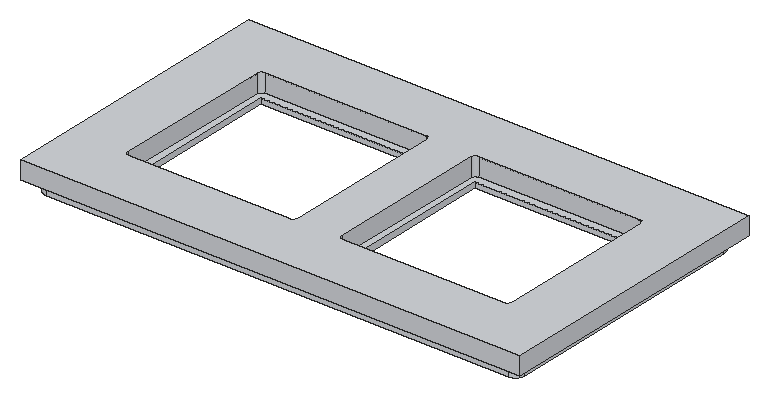
Revit family "Gira_021218", category Electrical Fixtures, host Face, Revit 2017
Family settings
  Host = Face
  Maintain Annotation Orientation = No
  Round Connector Dimension = Use Diameter
  Part Type = Normal
  Cut with Voids When Loaded = No
  Shared = No
  Room Calculation Point = No
Parameters (values of type "Cov.fr. 2-g Gira Esprit mint gl.")
  With mounting grid = "No"
  With hinged lid = "No"
  URL = "http://katalog.gira.de/en/datenblatt.html?artikelnr=021218"
  Type of fastening = "Clamp mounting"
  Transparent = "No"
  Surface protection = "Other"
  Suitable for wall duct = "No"
  Suitable for flush-mounted installation = "Yes"
  Suitable for floor box = "No"
  Suitable for built-in installation = "Yes"
  Number of units vertical = "2"
  Number of units horizontal = "2"
  Number of units = "2"
  Name = "Cov.fr. 2-g Gira Esprit mint gl."
  Mounting direction = "Horizontal and vertical"
  Material quality = "Real glass"
  Material = "Glass"
  Manufacturer URL = "https://www.gira.de/"
  Manufacturer = "Gira"
  Label space/information surface = "No"
  Keynote = ""
  HeinzeBIM = "https://bimportal.heinze.de/bim/cov-fr-2-g-gira-esprit-mint-gl-/be29f6bb88cbeddad97b0fbc6dd5e66bc958c18a"
  Halogen free = "No"
  HAN = "021218"
  GTIN = "4010337212188"
  Description = "Cov.fr.2g Espr. GMi,Gira Esprit cover frame,mint glass,2-gang,"
  Degree of protection (IP) = "IP21"
  Default Elevation = 1219.2 mm
  Data sheet (1) = "https://katalog.gira.de/en/download.html?artikelnr=021218"
  Colour = "Green"
  Category = "Cover frame for domestic switching devices"
  BIM (1) = "https://media.stage.bim.site/public/gira/36a6b08/Espr._Rahmen_2fach.rfa"
  Available = "No"
Reference planes
  plane 1 "Center (Front/Back)": y = 0
  plane 2: z = 0
  plane 3 "Center (Left/Right)": x = 0
Forms (mm)
  Extrusion 1, solid, detail levels fine
    sketch origin (0, 0, 0) x (1, 0, 0) y (0, 1, 0)
      loop
        line (-83, 47.5) -> (-83, -47.5) -> (83, -47.5) -> (83, 47.5) -> (-83, 47.5)
      loop
        arc (-63.75, -26.7) -> (-63.311, -27.761) -> (-62.25, -28.2) r 1.5
        line (-62.25, -28.2) -> (-8.85, -28.2)
        arc (-8.85, -28.2) -> (-7.789, -27.761) -> (-7.35, -26.7) r 1.5
        line (-7.35, -26.7) -> (-7.35, 26.7)
        arc (-7.35, 26.7) -> (-7.789, 27.761) -> (-8.85, 28.2) r 1.5
        line (-8.85, 28.2) -> (-62.25, 28.2)
        arc (-62.25, 28.2) -> (-63.311, 27.761) -> (-63.75, 26.7) r 1.5
        line (-63.75, 26.7) -> (-63.75, -26.7)
      loop
        line (63.75, -26.7) -> (63.75, 26.7)
        arc (63.75, 26.7) -> (63.311, 27.761) -> (62.25, 28.2) r 1.5
        line (62.25, 28.2) -> (8.85, 28.2)
        arc (8.85, 28.2) -> (7.789, 27.761) -> (7.35, 26.7) r 1.5
        line (7.35, 26.7) -> (7.35, -26.7)
        arc (7.35, -26.7) -> (7.789, -27.761) -> (8.85, -28.2) r 1.5
        line (8.85, -28.2) -> (62.25, -28.2)
        arc (62.25, -28.2) -> (63.311, -27.761) -> (63.75, -26.7) r 1.5
    from 0 to 6
  Extrusion 2, solid, detail levels fine
    sketch origin (0, 0, 0) x (1, 0, 0) y (0, 1, 0)
      loop
        line (-61.45, -25.7) -> (-9.65, -25.7) -> (-9.65, 25.7) -> (-61.45, 25.7) -> (-61.45, -25.7)
      loop
        line (61.45, 25.7) -> (9.65, 25.7) -> (9.65, -25.7) -> (61.45, -25.7) -> (61.45, 25.7)
      loop
        arc (-78.454, -41.3) -> (-77.927, -42.573) -> (-76.654, -43.1) r 1.8
        line (-76.654, -43.1) -> (76.654, -43.1)
        arc (76.654, -43.1) -> (77.927, -42.573) -> (78.454, -41.3) r 1.8
        line (78.454, -41.3) -> (78.454, 41.3)
        arc (78.454, 41.3) -> (77.927, 42.573) -> (76.654, 43.1) r 1.8
        line (76.654, 43.1) -> (-76.654, 43.1)
        arc (-76.654, 43.1) -> (-77.927, 42.573) -> (-78.454, 41.3) r 1.8
        line (-78.454, 41.3) -> (-78.454, -41.3)
    from -1.9 to 0
  Extrusion 3, solid, detail levels fine
    sketch origin (0, 0, 0) x (1, 0, 0) y (0, 1, 0)
      loop
        arc (-76.75, 44.4) -> (-78.871, 43.521) -> (-79.75, 41.4) r 3
        line (-79.75, 41.4) -> (-79.75, -41.4)
        arc (-79.75, -41.4) -> (-78.871, -43.521) -> (-76.75, -44.4) r 3
        line (-76.75, -44.4) -> (76.75, -44.4)
        arc (76.75, -44.4) -> (78.871, -43.521) -> (79.75, -41.4) r 3
        line (79.75, -41.4) -> (79.75, 41.4)
        arc (79.75, 41.4) -> (78.871, 43.521) -> (76.75, 44.4) r 3
        line (76.75, 44.4) -> (-76.75, 44.4)
      loop
        arc (-78.55, -41.4) -> (-78.023, -42.673) -> (-76.75, -43.2) r 1.8
        line (-76.75, -43.2) -> (76.75, -43.2)
        arc (76.75, -43.2) -> (78.023, -42.673) -> (78.55, -41.4) r 1.8
        line (78.55, -41.4) -> (78.55, 41.4)
        arc (78.55, 41.4) -> (78.023, 42.673) -> (76.75, 43.2) r 1.8
        line (76.75, 43.2) -> (-76.75, 43.2)
        arc (-76.75, 43.2) -> (-78.023, 42.673) -> (-78.55, 41.4) r 1.8
        line (-78.55, 41.4) -> (-78.55, -41.4)
    from -3.7 to 0
  Extrusion 4, solid, detail levels medium
    sketch origin (0, 0, 0) x (1, 0, 0) y (0, 1, 0)
      loop
        line (-83, 47.5) -> (-83, -47.5) -> (83, -47.5) -> (83, 47.5) -> (-83, 47.5)
    from 0 to 6
  Extrusion 5, solid, detail levels medium
    sketch origin (0, 0, 0) x (1, 0, 0) y (0, 1, 0)
      loop
        line (-79.75, 44.4) -> (-79.75, -44.4) -> (79.75, -44.4) -> (79.75, 44.4) -> (-79.75, 44.4)
    from -3.7 to 0
  Extrusion 6, solid, detail levels coarse
    sketch origin (0, 0, 0) x (1, 0, 0) y (0, 1, 0)
      loop
        line (-83, 47.5) -> (-83, -47.5) -> (83, -47.5) -> (83, 47.5) -> (-83, 47.5)
    from -3.7 to 6
Dimensions and locks
  aligned and locked: plane 2 to host face
  aligned and locked: level to host face
